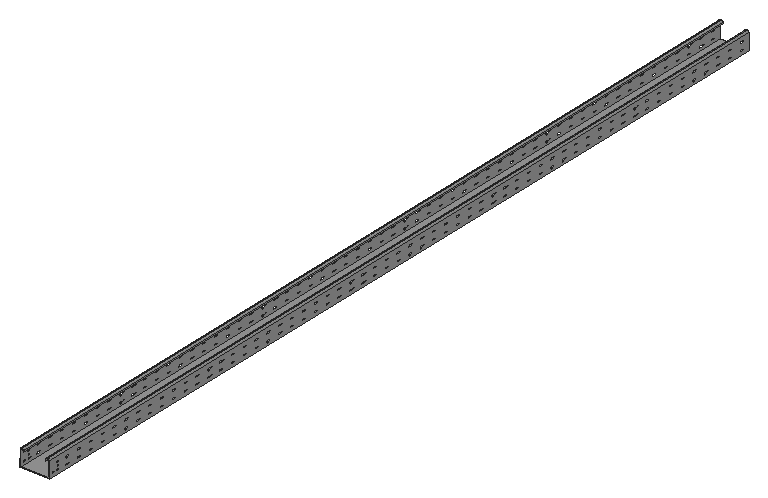
Revit family "Kabelrinne_rksm_A2_610_615_620_630_640_650_660", category Generic Models, Revit 2017 (continued)
Dimensions and locks
  aligned and locked: plane 20 to cut or joined group 1 (Extrusion 1, Extrusion 5, Extrusion 8, Extrusion 10, Extrusion 11, Extrusion 13, Extrusion 14, Extrusion 15, Extrusion 16, Extrusion 17, Extrusion 18, Extrusion 19, Extrusion 20, Extrusion 21, Extrusion 22, Extrusion 23, Extrusion 24, Extrusion 25, Extrusion 26, Extrusion 27, Extrusion 28, Extrusion 29, Extrusion 30, Extrusion 31, Extrusion 32, Extrusion 33, Extrusion 34, Extrusion 35, Extrusion 36, Extrusion 37, Extrusion 38, Extrusion 39, Extrusion 40, Extrusion 41, Extrusion 42, Extrusion 43, Extrusion 44, Extrusion 45, Extrusion 46, Extrusion 47, Extrusion 48, Extrusion 49, Extrusion 50, Extrusion 51, Extrusion 52, Extrusion 53, Extrusion 54, Extrusion 55, Extrusion 56, Extrusion 57, Extrusion 58, Extrusion 59, Extrusion 60, Extrusion 61, Extrusion 62, Extrusion 63, Extrusion 64, Extrusion 65, Extrusion 66, Extrusion 67, Extrusion 68, Extrusion 69, Extrusion 70, Extrusion 71, Extrusion 72, Extrusion 73, Extrusion 74, Extrusion 75, Extrusion 76, Extrusion 77, Extrusion 78, Extrusion 79, Extrusion 80, Extrusion 81, Extrusion 82, Extrusion 83, Extrusion 84, Extrusion 85, Extrusion 86, Extrusion 87, Extrusion 88, Extrusion 89, Extrusion 90, Extrusion 91, Extrusion 92, Extrusion 93, Extrusion 94, Extrusion 95, Extrusion 96, Extrusion 97, Extrusion 98, Extrusion 99, Extrusion 100, Extrusion 101, Extrusion 102, Extrusion 103, Extrusion 104, Extrusion 105, Extrusion 106, Extrusion 107, Extrusion 108, Extrusion 109, Extrusion 110, Extrusion 111, Extrusion 112, Extrusion 113, Extrusion 114, Extrusion 115, Extrusion 116, Extrusion 117, Extrusion 118, Extrusion 119, Extrusion 120, Extrusion 121, Extrusion 122, Extrusion 123, Extrusion 124, Extrusion 125, Extrusion 126, Extrusion 127, Extrusion 128, Extrusion 129, Extrusion 130, Extrusion 131, Extrusion 132, Extrusion 133, Extrusion 134, Extrusion 135, Extrusion 136, Extrusion 137, Extrusion 138, Extrusion 139, Extrusion 140, Extrusion 141, Extrusion 142, Extrusion 143, Extrusion 144, Extrusion 145, Extrusion 146, Extrusion 147, Extrusion 148, Extrusion 149, Extrusion 150, Extrusion 151, Extrusion 152, Extrusion 153, Extrusion 154, Extrusion 155, Extrusion 156, Extrusion 157, Extrusion 158, Extrusion 159, Extrusion 160, Extrusion 161, Extrusion 162, Extrusion 163, Extrusion 164, Extrusion 165, Extrusion 166, Extrusion 167, Extrusion 168, Extrusion 169, Extrusion 170, Extrusion 171, Extrusion 172, Extrusion 173, Extrusion 174, Extrusion 175, Extrusion 176, Extrusion 177, Extrusion 178, Extrusion 179, Extrusion 180, Extrusion 181, Extrusion 182, Extrusion 183, Extrusion 184, Extrusion 185, Extrusion 186, Extrusion 187, Extrusion 188, Extrusion 189, Extrusion 190, Extrusion 191, Extrusion 192, Extrusion 193, Extrusion 194, Extrusion 195, Extrusion 196, Extrusion 197, Extrusion 198, Extrusion 199, Extrusion 200, Extrusion 201, Extrusion 202, Extrusion 203, Extrusion 204, Extrusion 205, Extrusion 206, Extrusion 207, Extrusion 208, Extrusion 209, Extrusion 210, Extrusion 211, Extrusion 212, Extrusion 213, Extrusion 214, Extrusion 215, Extrusion 216, Extrusion 217, Extrusion 218, Extrusion 219, Extrusion 220, Extrusion 221, Extrusion 222, Extrusion 223, Extrusion 224, Extrusion 225, Extrusion 226, Extrusion 227, Extrusion 228, Extrusion 229, Extrusion 230, Extrusion 231, Extrusion 232, Extrusion 233, Extrusion 234, Extrusion 235, Extrusion 236, Extrusion 237, Extrusion 238, Extrusion 239, Extrusion 240, Extrusion 241, Extrusion 242, Extrusion 243, Extrusion 244, Extrusion 245, Extrusion 246, Extrusion 247, Extrusion 248, Extrusion 249, Extrusion 250, Extrusion 251, Extrusion 252, Extrusion 253, Extrusion 254, Extrusion 255, Extrusion 256, Extrusion 257, Extrusion 258, Extrusion 259, Extrusion 260, Extrusion 261, Extrusion 262, Extrusion 263, Extrusion 264, Extrusion 265, Extrusion 266, Extrusion 267, Extrusion 268, Extrusion 269, Extrusion 270, Extrusion 271, Extrusion 272, Extrusion 273, Extrusion 274, Extrusion 275, Extrusion 276, Extrusion 277)
  aligned and locked: plane 19 to cut or joined group 1
  aligned and locked: plane 20 to plane 18
  aligned and locked: plane 21 to Extrusion 275
  aligned and locked: plane 22 to Extrusion 275
  aligned and locked: plane 21 to cut or joined group 1
  aligned and locked: plane 22 to cut or joined group 1
  aligned and locked: plane 22 to plane 19
  aligned and locked: plane 24 to Extrusion 276
  aligned and locked: plane 23 to Extrusion 276
  aligned and locked: plane 24 to cut or joined group 1
  aligned and locked: plane 23 to cut or joined group 1
  aligned and locked: plane 23 to plane 14
  aligned and locked: plane 25 to Extrusion 277
  aligned and locked: cut or joined group 1 to plane 25
  aligned and locked: plane 26 to cut or joined group 1
Automatic sketch dimensions
  Extrusion 1 sketch curve to Extrusion 1 sketch curve = 0 mm  (x3)
  plane 5 to Extrusion 1 sketch curve = 3.088 mm
  Extrusion 1 sketch curve to Extrusion 1 sketch curve = 3.218 mm
  Extrusion 2 sketch curve to Extrusion 2 sketch curve = 25 mm
  Extrusion 3 sketch curve to Extrusion 3 sketch curve = 25 mm
  Extrusion 4 sketch curve to Extrusion 4 sketch curve = 13 mm
  Extrusion 6 sketch curve to Extrusion 6 sketch curve = 13 mm
  Extrusion 7 sketch curve to Extrusion 7 sketch curve = 13 mm
  Extrusion 5 sketch curve to Extrusion 5 sketch curve = 13 mm
  Extrusion 8 sketch curve to Extrusion 8 sketch curve = 13 mm
  Extrusion 9 sketch curve to Extrusion 9 sketch curve = 13 mm
  Extrusion 10 sketch curve to Extrusion 10 sketch curve = 13 mm
  Extrusion 11 sketch curve to Extrusion 11 sketch curve = 13 mm
  Extrusion 12 sketch curve to Extrusion 12 sketch curve = 13 mm
  Extrusion 13 sketch curve to Extrusion 13 sketch curve = 13 mm
  Extrusion 14 sketch curve to Extrusion 14 sketch curve = 13 mm
  Extrusion 15 sketch curve to Extrusion 15 sketch curve = 13 mm
  Extrusion 16 sketch curve to Extrusion 16 sketch curve = 13 mm
  Extrusion 17 sketch curve to Extrusion 17 sketch curve = 13 mm
  Extrusion 18 sketch curve to Extrusion 18 sketch curve = 13 mm
  Extrusion 19 sketch curve to Extrusion 19 sketch curve = 13 mm
  Extrusion 20 sketch curve to Extrusion 20 sketch curve = 13 mm
  Extrusion 21 sketch curve to Extrusion 21 sketch curve = 13 mm
  Extrusion 22 sketch curve to Extrusion 22 sketch curve = 13 mm
  Extrusion 23 sketch curve to Extrusion 23 sketch curve = 13 mm
  Extrusion 24 sketch curve to Extrusion 24 sketch curve = 13 mm
  Extrusion 25 sketch curve to Extrusion 25 sketch curve = 13 mm
  Extrusion 26 sketch curve to Extrusion 26 sketch curve = 13 mm
  Extrusion 27 sketch curve to Extrusion 27 sketch curve = 13 mm
  Extrusion 28 sketch curve to Extrusion 28 sketch curve = 13 mm
  Extrusion 29 sketch curve to Extrusion 29 sketch curve = 13 mm
  Extrusion 30 sketch curve to Extrusion 30 sketch curve = 13 mm
  Extrusion 31 sketch curve to Extrusion 31 sketch curve = 13 mm
  Extrusion 32 sketch curve to Extrusion 32 sketch curve = 13 mm
  Extrusion 33 sketch curve to Extrusion 33 sketch curve = 13 mm
  Extrusion 34 sketch curve to Extrusion 34 sketch curve = 13 mm
  Extrusion 35 sketch curve to Extrusion 35 sketch curve = 13 mm
  Extrusion 36 sketch curve to Extrusion 36 sketch curve = 13 mm
  Extrusion 37 sketch curve to Extrusion 37 sketch curve = 13 mm
  Extrusion 38 sketch curve to Extrusion 38 sketch curve = 13 mm
  Extrusion 39 sketch curve to Extrusion 39 sketch curve = 13 mm
  Extrusion 40 sketch curve to Extrusion 40 sketch curve = 13 mm
  Extrusion 41 sketch curve to Extrusion 41 sketch curve = 13 mm
  Extrusion 42 sketch curve to Extrusion 42 sketch curve = 13 mm
  Extrusion 43 sketch curve to Extrusion 43 sketch curve = 13 mm
  Extrusion 44 sketch curve to Extrusion 44 sketch curve = 13 mm
  Extrusion 45 sketch curve to Extrusion 45 sketch curve = 13 mm
  Extrusion 46 sketch curve to Extrusion 46 sketch curve = 13 mm
  Extrusion 47 sketch curve to Extrusion 47 sketch curve = 13 mm
  Extrusion 48 sketch curve to Extrusion 48 sketch curve = 13 mm
  Extrusion 49 sketch curve to Extrusion 49 sketch curve = 13 mm
  Extrusion 50 sketch curve to Extrusion 50 sketch curve = 13 mm
  Extrusion 51 sketch curve to Extrusion 51 sketch curve = 13 mm
  Extrusion 52 sketch curve to Extrusion 52 sketch curve = 13 mm
  Extrusion 53 sketch curve to Extrusion 53 sketch curve = 13 mm
  Extrusion 54 sketch curve to Extrusion 54 sketch curve = 13 mm
  Extrusion 55 sketch curve to Extrusion 55 sketch curve = 13 mm
  Extrusion 56 sketch curve to Extrusion 56 sketch curve = 13 mm
  Extrusion 57 sketch curve to Extrusion 57 sketch curve = 13 mm
  Extrusion 58 sketch curve to Extrusion 58 sketch curve = 13 mm
  Extrusion 59 sketch curve to Extrusion 59 sketch curve = 13 mm
  Extrusion 60 sketch curve to Extrusion 60 sketch curve = 13 mm
  Extrusion 61 sketch curve to Extrusion 61 sketch curve = 13 mm
  Extrusion 62 sketch curve to Extrusion 62 sketch curve = 13 mm
  Extrusion 63 sketch curve to Extrusion 63 sketch curve = 13 mm
  Extrusion 64 sketch curve to Extrusion 64 sketch curve = 13 mm
  Extrusion 65 sketch curve to Extrusion 65 sketch curve = 13 mm
  Extrusion 66 sketch curve to Extrusion 66 sketch curve = 13 mm
  Extrusion 67 sketch curve to Extrusion 67 sketch curve = 13 mm
  Extrusion 68 sketch curve to Extrusion 68 sketch curve = 13 mm
  Extrusion 69 sketch curve to Extrusion 69 sketch curve = 13 mm
  Extrusion 70 sketch curve to Extrusion 70 sketch curve = 13 mm
  Extrusion 71 sketch curve to Extrusion 71 sketch curve = 13 mm
  Extrusion 72 sketch curve to Extrusion 72 sketch curve = 13 mm
  Extrusion 73 sketch curve to Extrusion 73 sketch curve = 13 mm
  Extrusion 74 sketch curve to Extrusion 74 sketch curve = 13 mm
  Extrusion 75 sketch curve to Extrusion 75 sketch curve = 13 mm
  Extrusion 76 sketch curve to Extrusion 76 sketch curve = 13 mm
  Extrusion 77 sketch curve to Extrusion 77 sketch curve = 13 mm
  Extrusion 78 sketch curve to Extrusion 78 sketch curve = 13 mm
  Extrusion 79 sketch curve to Extrusion 79 sketch curve = 13 mm
  Extrusion 80 sketch curve to Extrusion 80 sketch curve = 13 mm
  Extrusion 81 sketch curve to Extrusion 81 sketch curve = 13 mm
  Extrusion 82 sketch curve to Extrusion 82 sketch curve = 13 mm
  Extrusion 83 sketch curve to Extrusion 83 sketch curve = 13 mm
  Extrusion 84 sketch curve to Extrusion 84 sketch curve = 13 mm
  Extrusion 85 sketch curve to Extrusion 85 sketch curve = 13 mm
  Extrusion 86 sketch curve to Extrusion 86 sketch curve = 13 mm
  Extrusion 87 sketch curve to Extrusion 87 sketch curve = 13 mm
  Extrusion 88 sketch curve to Extrusion 88 sketch curve = 13 mm
  Extrusion 89 sketch curve to Extrusion 89 sketch curve = 13 mm
  Extrusion 90 sketch curve to Extrusion 90 sketch curve = 13 mm
  Extrusion 91 sketch curve to Extrusion 91 sketch curve = 13 mm
  Extrusion 92 sketch curve to Extrusion 92 sketch curve = 13 mm
  Extrusion 93 sketch curve to Extrusion 93 sketch curve = 13 mm
  Extrusion 94 sketch curve to Extrusion 94 sketch curve = 13 mm
  Extrusion 95 sketch curve to Extrusion 95 sketch curve = 13 mm
  Extrusion 96 sketch curve to Extrusion 96 sketch curve = 13 mm
  Extrusion 97 sketch curve to Extrusion 97 sketch curve = 13 mm
  Extrusion 98 sketch curve to Extrusion 98 sketch curve = 13 mm
  Extrusion 99 sketch curve to Extrusion 99 sketch curve = 13 mm
  Extrusion 100 sketch curve to Extrusion 100 sketch curve = 13 mm
  Extrusion 101 sketch curve to Extrusion 101 sketch curve = 13 mm
  Extrusion 102 sketch curve to Extrusion 102 sketch curve = 13 mm
  Extrusion 103 sketch curve to Extrusion 103 sketch curve = 13 mm
  Extrusion 104 sketch curve to Extrusion 104 sketch curve = 13 mm
  Extrusion 105 sketch curve to Extrusion 105 sketch curve = 13 mm
  Extrusion 106 sketch curve to Extrusion 106 sketch curve = 13 mm
  Extrusion 107 sketch curve to Extrusion 107 sketch curve = 13 mm
  Extrusion 108 sketch curve to Extrusion 108 sketch curve = 13 mm
  Extrusion 109 sketch curve to Extrusion 109 sketch curve = 13 mm
  Extrusion 110 sketch curve to Extrusion 110 sketch curve = 13 mm
  Extrusion 111 sketch curve to Extrusion 111 sketch curve = 13 mm
  Extrusion 112 sketch curve to Extrusion 112 sketch curve = 13 mm
  Extrusion 113 sketch curve to Extrusion 113 sketch curve = 13 mm
  Extrusion 114 sketch curve to Extrusion 114 sketch curve = 13 mm
  Extrusion 115 sketch curve to Extrusion 115 sketch curve = 13 mm
  Extrusion 116 sketch curve to Extrusion 116 sketch curve = 13 mm
  Extrusion 117 sketch curve to Extrusion 117 sketch curve = 13 mm
  Extrusion 118 sketch curve to Extrusion 118 sketch curve = 13 mm
  Extrusion 119 sketch curve to Extrusion 119 sketch curve = 13 mm
  Extrusion 120 sketch curve to Extrusion 120 sketch curve = 13 mm
  Extrusion 121 sketch curve to Extrusion 121 sketch curve = 13 mm
  Extrusion 122 sketch curve to Extrusion 122 sketch curve = 13 mm
  Extrusion 123 sketch curve to Extrusion 123 sketch curve = 13 mm
  Extrusion 124 sketch curve to Extrusion 124 sketch curve = 13 mm
  Extrusion 125 sketch curve to Extrusion 125 sketch curve = 13 mm
  Extrusion 126 sketch curve to Extrusion 126 sketch curve = 13 mm
  Extrusion 127 sketch curve to Extrusion 127 sketch curve = 13 mm
  Extrusion 128 sketch curve to Extrusion 128 sketch curve = 13 mm
  Extrusion 129 sketch curve to Extrusion 129 sketch curve = 13 mm
  Extrusion 130 sketch curve to Extrusion 130 sketch curve = 13 mm
  Extrusion 131 sketch curve to Extrusion 131 sketch curve = 13 mm
  Extrusion 132 sketch curve to Extrusion 132 sketch curve = 13 mm
  Extrusion 133 sketch curve to Extrusion 133 sketch curve = 13 mm
  Extrusion 134 sketch curve to Extrusion 134 sketch curve = 13 mm
  Extrusion 135 sketch curve to Extrusion 135 sketch curve = 13 mm
  Extrusion 136 sketch curve to Extrusion 136 sketch curve = 13 mm
  Extrusion 137 sketch curve to Extrusion 137 sketch curve = 13 mm
  Extrusion 138 sketch curve to Extrusion 138 sketch curve = 13 mm
  Extrusion 139 sketch curve to Extrusion 139 sketch curve = 13 mm
  Extrusion 140 sketch curve to Extrusion 140 sketch curve = 13 mm
  Extrusion 141 sketch curve to Extrusion 141 sketch curve = 13 mm
  Extrusion 142 sketch curve to Extrusion 142 sketch curve = 13 mm
  Extrusion 143 sketch curve to Extrusion 143 sketch curve = 13 mm
  Extrusion 144 sketch curve to Extrusion 144 sketch curve = 13 mm
  Extrusion 145 sketch curve to Extrusion 145 sketch curve = 13 mm
  Extrusion 146 sketch curve to Extrusion 146 sketch curve = 13 mm
  Extrusion 147 sketch curve to Extrusion 147 sketch curve = 13 mm
  Extrusion 148 sketch curve to Extrusion 148 sketch curve = 13 mm
  Extrusion 149 sketch curve to Extrusion 149 sketch curve = 13 mm
  Extrusion 150 sketch curve to Extrusion 150 sketch curve = 13 mm
  Extrusion 151 sketch curve to Extrusion 151 sketch curve = 13 mm
  Extrusion 152 sketch curve to Extrusion 152 sketch curve = 13 mm
  Extrusion 153 sketch curve to Extrusion 153 sketch curve = 13 mm
  Extrusion 154 sketch curve to Extrusion 154 sketch curve = 13 mm
  Extrusion 155 sketch curve to Extrusion 155 sketch curve = 13 mm
  Extrusion 156 sketch curve to Extrusion 156 sketch curve = 13 mm
  Extrusion 157 sketch curve to Extrusion 157 sketch curve = 13 mm
  Extrusion 158 sketch curve to Extrusion 158 sketch curve = 13 mm
  Extrusion 159 sketch curve to Extrusion 159 sketch curve = 13 mm
  Extrusion 160 sketch curve to Extrusion 160 sketch curve = 13 mm
  Extrusion 161 sketch curve to Extrusion 161 sketch curve = 13 mm
  Extrusion 162 sketch curve to Extrusion 162 sketch curve = 13 mm
  Extrusion 163 sketch curve to Extrusion 163 sketch curve = 13 mm
  Extrusion 164 sketch curve to Extrusion 164 sketch curve = 13 mm
  Extrusion 165 sketch curve to Extrusion 165 sketch curve = 13 mm
  Extrusion 166 sketch curve to Extrusion 166 sketch curve = 13 mm
  Extrusion 167 sketch curve to Extrusion 167 sketch curve = 13 mm
  Extrusion 168 sketch curve to Extrusion 168 sketch curve = 13 mm
  Extrusion 169 sketch curve to Extrusion 169 sketch curve = 13 mm
  Extrusion 170 sketch curve to Extrusion 170 sketch curve = 13 mm
  Extrusion 171 sketch curve to Extrusion 171 sketch curve = 13 mm
  Extrusion 172 sketch curve to Extrusion 172 sketch curve = 13 mm
  Extrusion 173 sketch curve to Extrusion 173 sketch curve = 13 mm
  Extrusion 174 sketch curve to Extrusion 174 sketch curve = 13 mm
  Extrusion 175 sketch curve to Extrusion 175 sketch curve = 13 mm
  Extrusion 176 sketch curve to Extrusion 176 sketch curve = 13 mm
  Extrusion 177 sketch curve to Extrusion 177 sketch curve = 13 mm
  Extrusion 178 sketch curve to Extrusion 178 sketch curve = 13 mm
  Extrusion 179 sketch curve to Extrusion 179 sketch curve = 13 mm
  Extrusion 180 sketch curve to Extrusion 180 sketch curve = 13 mm
  Extrusion 181 sketch curve to Extrusion 181 sketch curve = 13 mm
  Extrusion 182 sketch curve to Extrusion 182 sketch curve = 13 mm
  Extrusion 183 sketch curve to Extrusion 183 sketch curve = 13 mm
  Extrusion 184 sketch curve to Extrusion 184 sketch curve = 13 mm
  Extrusion 185 sketch curve to Extrusion 185 sketch curve = 13 mm
  Extrusion 186 sketch curve to Extrusion 186 sketch curve = 13 mm
  Extrusion 187 sketch curve to Extrusion 187 sketch curve = 13 mm
  Extrusion 188 sketch curve to Extrusion 188 sketch curve = 13 mm
  Extrusion 189 sketch curve to Extrusion 189 sketch curve = 13 mm
  Extrusion 190 sketch curve to Extrusion 190 sketch curve = 13 mm
  Extrusion 191 sketch curve to Extrusion 191 sketch curve = 13 mm
  Extrusion 192 sketch curve to Extrusion 192 sketch curve = 13 mm
  Extrusion 193 sketch curve to Extrusion 193 sketch curve = 13 mm
  Extrusion 194 sketch curve to Extrusion 194 sketch curve = 13 mm
  Extrusion 195 sketch curve to Extrusion 195 sketch curve = 13 mm
  Extrusion 196 sketch curve to Extrusion 196 sketch curve = 13 mm
  Extrusion 197 sketch curve to Extrusion 197 sketch curve = 13 mm
  Extrusion 198 sketch curve to Extrusion 198 sketch curve = 13 mm
  Extrusion 199 sketch curve to Extrusion 199 sketch curve = 13 mm
  Extrusion 200 sketch curve to Extrusion 200 sketch curve = 13 mm
  Extrusion 201 sketch curve to Extrusion 201 sketch curve = 13 mm
  Extrusion 202 sketch curve to Extrusion 202 sketch curve = 13 mm
  Extrusion 203 sketch curve to Extrusion 203 sketch curve = 13 mm
  Extrusion 204 sketch curve to Extrusion 204 sketch curve = 13 mm
  Extrusion 205 sketch curve to Extrusion 205 sketch curve = 13 mm
  Extrusion 206 sketch curve to Extrusion 206 sketch curve = 13 mm
  Extrusion 207 sketch curve to Extrusion 207 sketch curve = 13 mm
  Extrusion 208 sketch curve to Extrusion 208 sketch curve = 13 mm
  Extrusion 209 sketch curve to Extrusion 209 sketch curve = 13 mm
  Extrusion 210 sketch curve to Extrusion 210 sketch curve = 13 mm
  Extrusion 211 sketch curve to Extrusion 211 sketch curve = 13 mm
  Extrusion 212 sketch curve to Extrusion 212 sketch curve = 13 mm
  Extrusion 213 sketch curve to Extrusion 213 sketch curve = 13 mm
  Extrusion 214 sketch curve to Extrusion 214 sketch curve = 13 mm
  Extrusion 215 sketch curve to Extrusion 215 sketch curve = 13 mm
  Extrusion 216 sketch curve to Extrusion 216 sketch curve = 13 mm
  Extrusion 217 sketch curve to Extrusion 217 sketch curve = 13 mm
  Extrusion 218 sketch curve to Extrusion 218 sketch curve = 13 mm
  Extrusion 219 sketch curve to Extrusion 219 sketch curve = 13 mm
  Extrusion 220 sketch curve to Extrusion 220 sketch curve = 13 mm
  Extrusion 221 sketch curve to Extrusion 221 sketch curve = 13 mm
  Extrusion 222 sketch curve to Extrusion 222 sketch curve = 13 mm
  Extrusion 223 sketch curve to Extrusion 223 sketch curve = 13 mm
  Extrusion 224 sketch curve to Extrusion 224 sketch curve = 13 mm
  Extrusion 225 sketch curve to Extrusion 225 sketch curve = 13 mm
  Extrusion 226 sketch curve to Extrusion 226 sketch curve = 13 mm
  Extrusion 227 sketch curve to Extrusion 227 sketch curve = 13 mm
  Extrusion 228 sketch curve to Extrusion 228 sketch curve = 13 mm
  Extrusion 229 sketch curve to Extrusion 229 sketch curve = 13 mm
  Extrusion 230 sketch curve to Extrusion 230 sketch curve = 13 mm
  Extrusion 231 sketch curve to Extrusion 231 sketch curve = 13 mm
  Extrusion 232 sketch curve to Extrusion 232 sketch curve = 13 mm
  Extrusion 233 sketch curve to Extrusion 233 sketch curve = 13 mm
  Extrusion 234 sketch curve to Extrusion 234 sketch curve = 13 mm
  Extrusion 235 sketch curve to Extrusion 235 sketch curve = 13 mm
  Extrusion 236 sketch curve to Extrusion 236 sketch curve = 13 mm
  Extrusion 237 sketch curve to Extrusion 237 sketch curve = 13 mm
  Extrusion 238 sketch curve to Extrusion 238 sketch curve = 13 mm
  Extrusion 239 sketch curve to Extrusion 239 sketch curve = 13 mm
  Extrusion 240 sketch curve to Extrusion 240 sketch curve = 13 mm
  Extrusion 270 sketch curve to Extrusion 270 sketch curve = 8 mm
  level to Extrusion 271 sketch curve = 16 mm
  Extrusion 273 sketch curve to Extrusion 273 sketch curve = 0 mm
Types (8, lengths in mm): name | Width 1 | Width | Manufacturer Art.No. | GTIN | Article Type
  (no name) | 50 | 100 | "6047613" | "4012195706083" | "RKSM 610 A2"
  RKSM 610 A2 | 50 | 100 | "6047613" | "4012195706083" | "RKSM 610 A2"
  RKSM 615 A2 | 75 | 150 | "6047632" | "4012195706120" | "RKSM 615 A2"
  RKSM 620 A2 | 100 | 200 | "6047640" | "4012195706144" | "RKSM 620 A2"
  RKSM 630 A2 | 150 | 300 | "6047656" | "4012195706182" | "RKSM 630 A2"
  RKSM 640 A2 | 200 | 400 | "6047691" | "4012195706205" | "RKSM 640 A2"
  RKSM 650 A2 | 250 | 500 | "6047721" | "4012195706243" | "RKSM 650 A2"
  RKSM 660 A2 | 300 | 600 | "6047737" | "4012195706267" | "RKSM 660 A2"
